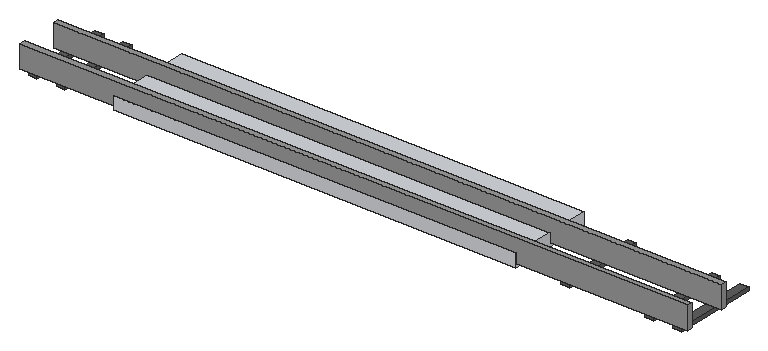
Revit family "1114-2, Veneer", category Generic Models, host Face, Revit 2020
Family settings
  Host = Face
  Can host rebar = No
  Round Connector Dimension = Use Diameter
  Part Type = Normal
  Cut with Voids When Loaded = No
  Shared = No
  Room Calculation Point = No
Parameters
  min_value [instance] = 1' - 11 1/4"  # constant formula
  max_value [instance] = 9' - 11 1/4"  # constant formula
  actual_value [instance] = if(NET LENGTH < min_value, min_value, if(NET LENGTH > max_value, max_value, NET LENGTH))  # 7' - 11 1/4"
  NET LENGTH [instance] = 7' - 11 1/4"
  Default Elevation = 4' - 0"
  BACKER MATERIAL [instance] = BLACK-BACKERS
  .. MEMBER WIDTH [instance] = 0' - 0 3/4"  # constant formula
  .. MEMBER MATERIAL [instance] = Veneer Cherry
  .. MEMBER LENGTH [instance] = actual_value  # 7' - 11 1/4"
  .. MEMBER DEPTH [instance] = 0' - 3 1/4"  # constant formula
  .. MEMBER COUNT [instance] = 2  # constant formula
  IMPORTANT NOTE!!!                                                                             *Backer layout is for visualization purposes only, final layout to be determined by 9Wood. [instance] = ""
Reference planes (in)
  plane 1 "Center (Front/Back)": y = 0
  plane 2: z = 1.82209
  plane 3 "Center (Left/Right)": x = 0
Forms (in)
  Extrusion 1, solid
    sketch origin (132, -33.80483, 0) x (1, 0, 0) y (0, 1, 0)
      loop
        line (-118.625, 33.80483) -> (-61.26146, 33.80483) -> (-61.26146, 45.86733) -> (-118.625, 45.86733) -> (-118.625, 33.80483)
    from 1.82209 to 0
Dimensions and locks (in)
  aligned and locked: Extrusion 1 to plane 2
  aligned and locked: plane 3 "Center (Left/Right)" to nested 1
Nested families (in)
  nested 1: "1100 SERIES CONFIG" at (0, 2, 0), .. MEMBER DEPTH <- ".. MEMBER DEPTH", .. MEMBER LENGTH <- ".. MEMBER LENGTH", .. MEMBER WIDTH <- ".. MEMBER WIDTH", .. MEMBER MATERIAL <- ".. MEMBER MATERIAL", BACKING M MATERIAL <- "BACKER MATERIAL", .. MEMBER COUNT <- ".. MEMBER COUNT", type "1100 SERIES CONFIG"
    with X 7' - 8", SCRIM OVERHANG 2 0' - 0 3/32", SCRIM OVERHANG 0' - 0 7/8", SCRIM LENGTH 8' - 1", SCRIM  MATERIAL SCRIM, SCRIM no, NOMINAL LENGTH 7, N 8, Inset 6' - 0 3/8", INSET 0' - 1", INDEX 0' - 5 5/8", HALF MEMBER WIDTH 0' - 0 3/8", HALF LENGTH 3' - 11 5/8", END BACKER yes, BACKING M WIDTH 0' - 1 1/4", BACKING M OC SPACING 1' - 0", BACKING M MATERIAL BLACK-BACKERS, BACKING M LENGTH 0' - 11 7/8", BACKING M DEPTH 0' - 0 1/2", BACKING M COUNT 8, 3/16" INSET 0' - 0 3/16", .. MEMBER WIDTH 0' - 0 3/4", .. MEMBER OC SPACING 0' - 6", .. MEMBER MATERIAL Veneer Cherry, .. MEMBER LENGTH 7' - 11 1/4", .. MEMBER DEPTH 0' - 3 1/4", .. MEMBER COUNT 2
Definition of nested family "1100 SERIES CONFIG"
  Parameters (values of type "1100 SERIES CONFIG")
    X [instance] = .. MEMBER LENGTH - 0' 3 1/4"  # 5' - 5"
    SCRIM OVERHANG 2 [instance] = 0' - 0 3/32"  # constant formula
    SCRIM OVERHANG [instance] = 0' - 0 7/8"  # constant formula
    SCRIM LENGTH [instance] = .. MEMBER LENGTH + (SCRIM OVERHANG * 2)  # 5' - 10"
    SCRIM  MATERIAL [instance] = none
    SCRIM [instance] = yes
    NOMINAL LENGTH [instance] = 7
    N [instance] = if((X - (rounddown(X / 1' 0") * 1' 0")) > 1' 0", rounddown(X / 1' 0") + 2, rounddown(X / 1' 0") + 1)  # 6
    Inset [instance] = 6' - 0 3/8"  # constant formula
    INSET [instance] = 0' - 1"  # constant formula
    END BACKER [instance] = INDEX > 0' 3 5/8"  # yes
    INDEX [instance] = (.. MEMBER LENGTH - ((N - 1) * 1' 0")) / 2  # 0' - 4 1/8"
    HALF MEMBER WIDTH [instance] = .. MEMBER WIDTH / 2  # 0' - 0 5/16"
    HALF LENGTH [instance] = .. MEMBER LENGTH / 2  # 2' - 10 1/8"
    Default Elevation = 0' - 0"
    BACKING M WIDTH [instance] = 0' - 1 1/4"
    BACKING M SPACING = 3' - 3"
    BACKING M MATERIAL [instance] = none
    BACKING M LENGTH [instance] = 0' - 11 7/8"
    BACKING M DEPTH [instance] = 0' - 0 1/2"
    BACKING M COUNT [instance] = N  # 6
    BACKING M OC SPACING [instance] = 1' - 0"  # constant formula
    3/16" INSET [instance] = 0' - 0 3/16"  # constant formula
    .. MEMBER WIDTH [instance] = 0' - 0 5/8"
    .. MEMBER OC SPACING [instance] = 1' 0" / .. MEMBER COUNT  # 0' - 4"
    .. MEMBER MATERIAL [instance] = none
    .. MEMBER LENGTH [instance] = 5' - 8 1/4"
    .. MEMBER DEPTH [instance] = 0' - 1 3/8"
    .. MEMBER COUNT [instance] = 3
  Reference planes (in)
    plane 1 "Center (Front/Back)": y = -2
    plane 2: z = 0
    plane 3 "Center (Left/Right)": x = 0
    plane 4: x = 1
    plane 5: x = 4.125
    plane 6: x = 34.125
    plane 7: x = 68.25
    plane 8: x = 67.25
    plane 9: x = 16.125
    plane 10: y = -1.8125
    plane 11: y = -1.6875
    plane 12: y = 2.3125
    plane 13: x = 69.125
    plane 14: x = -0.875
    plane 15: z = 0.5
    plane 16: z = 0.5625
    plane 17: y = 10.0625
    plane 18: y = 10.15625
    plane 19: y = -2.09375
  Dimensions and locks (in)
    "INSET": plane 3 "Center (Left/Right)" to plane 4
    "INDEX": plane 3 "Center (Left/Right)" to plane 5
    "HALF LENGTH": plane 3 "Center (Left/Right)" to plane 6
    ".. MEMBER LENGTH": plane 3 "Center (Left/Right)" to plane 7
    "INSET": plane 8 to plane 7
    equal spacing: group 2, group 3, group 6, group 7, group 8, group 9  (x3)
    "3/16" INSET": plane 1 "Center (Front/Back)" to plane 10
    ".. MEMBER OC SPACING": plane 12 to plane 11
    "SCRIM OVERHANG": plane 14 to plane 3 "Center (Left/Right)"
    "SCRIM OVERHANG": plane 7 to plane 13
    equal spacing: group 1, group 4, group 5  (x2)
    equal spacing: group 5, group 4, group 1
    "HALF MEMBER WIDTH": plane 1 "Center (Front/Back)" to plane 11
    "BACKING M OC SPACING": plane 5 to plane 9
    "SCRIM OVERHANG 2": plane 18 to plane 17
    "SCRIM OVERHANG 2": plane 19 to plane 1 "Center (Front/Back)"
    aligned and locked: level to plane 2
    aligned and locked: plane 6 to nested 1
    aligned and locked: nested 2 to plane 4
    aligned and locked: plane 5 to nested 3
    aligned and locked: plane 1 "Center (Front/Back)" to nested 1
    aligned and locked: nested 2 to plane 10
    aligned and locked: nested 3 to plane 10
    aligned and locked: nested 5 to plane 10
    aligned and locked: nested 4 to plane 10
    aligned and locked: nested 6 to plane 14
    aligned and locked: plane 12 to nested 7
    aligned and locked: nested 7 to plane 3 "Center (Left/Right)"
    aligned and locked: plane 9 to nested 5
    aligned and locked: plane 8 to nested 4
    aligned and locked: plane 15 to nested 2
    aligned and locked: nested 6 to plane 15
    aligned and locked: nested 1 to plane 16
    aligned and locked: nested 7 to plane 16
    aligned and locked: nested 6 to plane 19
  Nested families (in)
    nested 1: "INSTANCE - Parametric Cube" at (34.125, -1.6875, 1.9375), Length <- ".. MEMBER WIDTH", Height <- ".. MEMBER DEPTH", Width <- ".. MEMBER LENGTH", Material <- ".. MEMBER MATERIAL", type "INSTANCE - Parametric Cube"
      with Width 5' - 8 1/4", Material none, Length 0' - 0 5/8", Height 0' - 1 3/8"
    nested 2: "2ND INSTANCE - Parametric Cube" at (1.625, 4.125, 0), Height <- "BACKING M DEPTH", Length <- "BACKING M LENGTH", Width <- "BACKING M WIDTH", Material <- "BACKING M MATERIAL", visible <- "END BACKER", type "2ND INSTANCE - Parametric Cube"
      with Width 0' - 1 1/4", Material none, Length 0' - 11 7/8", Height 0' - 0 1/2"
    nested 3: "2ND INSTANCE - Parametric Cube" at (4.125, 4.125, 0), Length <- "BACKING M LENGTH", Height <- "BACKING M DEPTH", Width <- "BACKING M WIDTH", Material <- "BACKING M MATERIAL", type "2ND INSTANCE - Parametric Cube"
      with Width 0' - 1 1/4", Material none, Length 0' - 11 7/8", Height 0' - 0 1/2"
    nested 4: "2ND INSTANCE - Parametric Cube" at (66.625, 4.125, 0), Width <- "BACKING M WIDTH", Length <- "BACKING M LENGTH", Height <- "BACKING M DEPTH", Material <- "BACKING M MATERIAL", visible <- "END BACKER", type "2ND INSTANCE - Parametric Cube"
      with Width 0' - 1 1/4", Material none, Length 0' - 11 7/8", Height 0' - 0 1/2"
    nested 5: "2ND INSTANCE - Parametric Cube" at (16.125, 4.125, 0), Length <- "BACKING M LENGTH", Height <- "BACKING M DEPTH", Width <- "BACKING M WIDTH", Material <- "BACKING M MATERIAL", type "2ND INSTANCE - Parametric Cube"
      with Width 0' - 1 1/4", Material none, Length 0' - 11 7/8", Height 0' - 0 1/2"
    nested 6: "3RD INSTANCE - Parametric Cube" at (34.125, 4.0445, 0.5), Width <- "SCRIM LENGTH", Material <- "SCRIM  MATERIAL", visible <- "SCRIM", type "3RD INSTANCE - Parametric Cube"
      with Width 5' - 10", Material none, Length 1' - 0.27649", Height 0' - 0 1/16"
    nested 7: "INSTANCE - Parametric Cube" at (34.125, 2.3125, 1.9375), Length <- ".. MEMBER WIDTH", Height <- ".. MEMBER DEPTH", Width <- ".. MEMBER LENGTH", Material <- ".. MEMBER MATERIAL", type "INSTANCE - Parametric Cube"
      with Width 5' - 8 1/4", Material none, Length 0' - 0 5/8", Height 0' - 1 3/8"
    nested 8: "INSTANCE - Parametric Cube" at (34.125, 6.3125, 1.9375), Length <- ".. MEMBER WIDTH", Height <- ".. MEMBER DEPTH", Width <- ".. MEMBER LENGTH", Material <- ".. MEMBER MATERIAL", type "INSTANCE - Parametric Cube"
      with Width 5' - 8 1/4", Material none, Length 0' - 0 5/8", Height 0' - 1 3/8"
    nested 9: "2ND INSTANCE - Parametric Cube" at (28.125, 4.125, 0), Length <- "BACKING M LENGTH", Height <- "BACKING M DEPTH", Width <- "BACKING M WIDTH", Material <- "BACKING M MATERIAL", type "2ND INSTANCE - Parametric Cube"
      with Width 0' - 1 1/4", Material none, Length 0' - 11 7/8", Height 0' - 0 1/2"
    nested 10: "2ND INSTANCE - Parametric Cube" at (40.125, 4.125, 0), Length <- "BACKING M LENGTH", Height <- "BACKING M DEPTH", Width <- "BACKING M WIDTH", Material <- "BACKING M MATERIAL", type "2ND INSTANCE - Parametric Cube"
      with Width 0' - 1 1/4", Material none, Length 0' - 11 7/8", Height 0' - 0 1/2"
    nested 11: "2ND INSTANCE - Parametric Cube" at (52.125, 4.125, 0), Length <- "BACKING M LENGTH", Height <- "BACKING M DEPTH", Width <- "BACKING M WIDTH", Material <- "BACKING M MATERIAL", type "2ND INSTANCE - Parametric Cube"
      with Width 0' - 1 1/4", Material none, Length 0' - 11 7/8", Height 0' - 0 1/2"
    nested 12: "2ND INSTANCE - Parametric Cube" at (64.125, 4.125, 0), Length <- "BACKING M LENGTH", Height <- "BACKING M DEPTH", Width <- "BACKING M WIDTH", Material <- "BACKING M MATERIAL", type "2ND INSTANCE - Parametric Cube"
      with Width 0' - 1 1/4", Material none, Length 0' - 11 7/8", Height 0' - 0 1/2"
  Definition of nested family "INSTANCE - Parametric Cube"
    Parameters (values of type "INSTANCE - Parametric Cube")
      Width [instance] = 0' - 6"
      Material [instance] = none
      Length [instance] = 1' - 0"
      Height [instance] = 1' - 6"
      Default Elevation = 0' - 0"
    Reference planes (in)
      plane 1 "Center (Front/Back)": y = 0
      plane 2: z = 0
      plane 3 "Center (Left/Right)": x = 0
      plane 4: x = -3
      plane 5: x = 3
      plane 6: y = 6
      plane 7: y = -6
      plane 8: z = -18
    Forms (in)
      Extrusion 1, solid, material <- "Material"
        sketch origin (0, 0, 0) x (1, 0, 0) y (0, 1, 0)
          loop
            line (-3, 6) -> (-3, -6) -> (3, -6) -> (3, 6) -> (-3, 6)
        from -18 to 0
    Dimensions and locks (in)
      equal spacing: plane 4, plane 3 "Center (Left/Right)", plane 5
      equal spacing: plane 6, plane 1 "Center (Front/Back)", plane 7
      "Length": plane 6 to plane 7
      "Width": plane 4 to plane 5
      "Height": plane 8 to level
      aligned and locked: plane 2 to level
      aligned and locked: Extrusion 1 sketch curve to plane 6
      aligned and locked: plane 4 to Extrusion 1 sketch curve
      aligned and locked: plane 7 to Extrusion 1 sketch curve
      aligned and locked: Extrusion 1 sketch curve to plane 5
      aligned and locked: Extrusion 1 to plane 8
  Definition of nested family "2ND INSTANCE - Parametric Cube"
    Parameters (values of type "2ND INSTANCE - Parametric Cube")
      Width [instance] = 0' - 6"
      Material [instance] = none
      Length [instance] = 1' - 0"
      Height [instance] = 1' - 6"
      Default Elevation = 0' - 0"
    Reference planes (in)
      plane 1 "Center (Front/Back)": y = 0
      plane 2: z = 0
      plane 3 "Center (Left/Right)": x = 0
      plane 4: x = -3
      plane 5: x = 3
      plane 6: y = 6
      plane 7: y = -6
      plane 8: z = 18
    Forms (in)
      Extrusion 1, solid, material <- "Material"
        sketch origin (0, 0, 0) x (1, 0, 0) y (0, 1, 0)
          loop
            line (-3, 6) -> (-3, -6) -> (3, -6) -> (3, 6) -> (-3, 6)
        from 0 to 18
    Dimensions and locks (in)
      equal spacing: plane 4, plane 3 "Center (Left/Right)", plane 5
      equal spacing: plane 6, plane 1 "Center (Front/Back)", plane 7
      "Length": plane 6 to plane 7
      "Width": plane 4 to plane 5
      "Height": level to plane 8
      aligned and locked: plane 2 to level
      aligned and locked: Extrusion 1 sketch curve to plane 6
      aligned and locked: plane 4 to Extrusion 1 sketch curve
      aligned and locked: plane 7 to Extrusion 1 sketch curve
      aligned and locked: Extrusion 1 sketch curve to plane 5
      aligned and locked: plane 8 to Extrusion 1
      aligned and locked: Extrusion 1 to level
  Definition of nested family "3RD INSTANCE - Parametric Cube"
    Parameters (values of type "3RD INSTANCE - Parametric Cube")
      Width [instance] = 0' - 6"
      Material [instance] = none
      Length [instance] = 1' - 0"
      Height [instance] = 1' - 6"
      Default Elevation = 0' - 0"
    Reference planes (in)
      plane 1 "Center (Front/Back)": y = 0
      plane 2: z = 0
      plane 3 "Center (Left/Right)": x = 0
      plane 4: x = -3
      plane 5: x = 3
      plane 6: y = 6
      plane 7: y = -6
      plane 8: z = 18
    Forms (in)
      Extrusion 1, solid, material <- "Material"
        sketch origin (0, 0, 0) x (1, 0, 0) y (0, 1, 0)
          loop
            line (-3, 6) -> (-3, -6) -> (3, -6) -> (3, 6) -> (-3, 6)
        from 0 to 18
    Dimensions and locks (in)
      equal spacing: plane 4, plane 3 "Center (Left/Right)", plane 5
      equal spacing: plane 6, plane 1 "Center (Front/Back)", plane 7
      "Length": plane 6 to plane 7
      "Width": plane 4 to plane 5
      "Height": level to plane 8
      aligned and locked: plane 2 to level
      aligned and locked: Extrusion 1 sketch curve to plane 6
      aligned and locked: plane 4 to Extrusion 1 sketch curve
      aligned and locked: plane 7 to Extrusion 1 sketch curve
      aligned and locked: Extrusion 1 sketch curve to plane 5
      aligned and locked: plane 8 to Extrusion 1
      aligned and locked: Extrusion 1 to level
